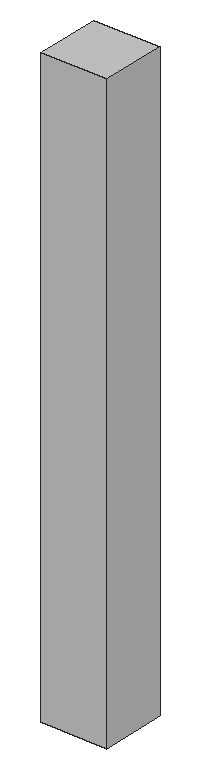
Revit family
Parameters (values of type "12 x 12")
  Column Material [instance] = Concrete - Cast-in-Place Concrete
  Assembly Code = "B10"
  b = 1' - 0"
Types (5): name | b
  (no name) | 1' - 0"
  12 x 12 | 1' - 0"
  18 x 18 | 1' - 6"
  24 x 24 | 2' - 0"
  30 x 30 | 2' - 6"
Reference planes (in)
  plane 1 "Center (Front/Back)": y = 0
  plane 2: z = 0
  plane 3 "Center (Left/Right)": x = 0
  plane 4: x = -6
  plane 5: x = 6
  plane 6: y = 6
  plane 7: y = -6
Forms (in)
  Extrusion 1, solid, material "Concrete - Cast-in-Place Concrete" <- "Column Material"
    sketch origin (0, 0, 0) x (1, 0, 0) y (0, 1, 0)
      loop
        line (-6, 6) -> (-6, -6) -> (6, -6) -> (6, 6) -> (-6, 6)
    from 0 to 108
Dimensions and locks (in)
  equal spacing: plane 4, plane 3 "Center (Left/Right)", plane 5
  equal spacing: plane 7, plane 1 "Center (Front/Back)", plane 6
  "b": plane 7 to plane 6
  "b": plane 4 to plane 5
  aligned and locked: plane 6 to Extrusion 1 sketch curve
  aligned and locked: Extrusion 1 sketch curve to plane 7
  aligned and locked: Extrusion 1 sketch curve to plane 4
  aligned and locked: plane 5 to Extrusion 1 sketch curve
  aligned and locked: level to Extrusion 1
  aligned and locked: level to plane 2
  aligned and locked: Extrusion 1 to plane 2
